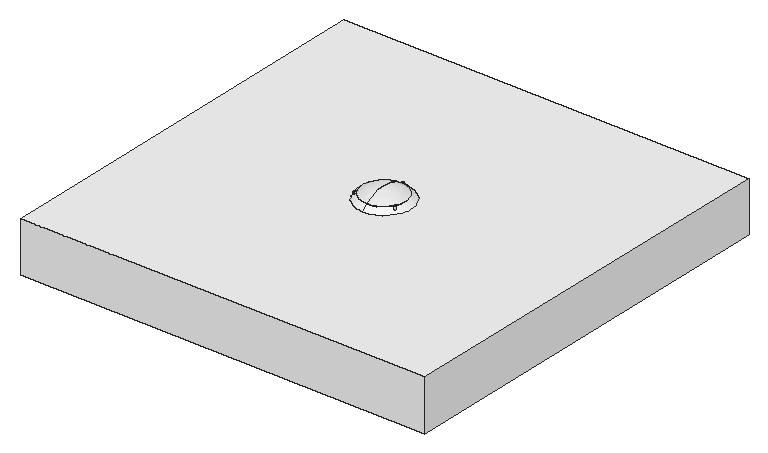
Revit family "Sarlam_Lighting_Bulkhead_Chartres_Infini_T1_Vandal_resistant_Diam_322mm_2000Lm", category Luminaires, Revit 2020
Family settings
  Hôte = Face
  Cote de connecteur circulaire = Utiliser le diamètre
  Type d'élément = Normal
  Couper avec des vides une fois chargée = Non
  Source d'éclairage = Oui
  Partagée = Non
  Point de calcul de pièce = Non
Parameters (values of type "With microwave sensor WHITE")
  Zone plafond formes 1à7 [instance] = and(not(Outer diameter = 328 mm), or([Antivandale Formes 2-4-7]), not([Detection area - Wall]), [Detection area - Ceiling])  # no
  Zone murale formes 1à7 [instance] = and(not(Outer diameter = 328 mm), or([Antivandale Formes 2-4-7]), [Detection area - Wall], not([Detection area - Ceiling]))  # no
  With movement sensor = yes
  With light sensor = yes
  Width = 322 mm
  Voltage type = "AC"
  Type of dimming = "Other"
  Type of control gear = "LED operating device current-controlled"
  System power W = 28
  Suitable for wall mounting = yes
  Suitable for suspended mounting = no
  Suitable for surface mounting = yes
  Suitable for ceiling mounting = yes
  Suitable for built-in mounting = no
  Radiation angle = "Open beam"
  Protection Class = "II"
  Outer diameter = 322 mm
  Nominal voltage (Un) V MIN = 207
  Nominal voltage (Un) V MAX = 253
  Nominal current mA MIN = 110
  Nominal current mA MAX = 135
  Material housing = Plastique
  Light sharing = "Symmetric"
  Length = 322 mm
  Lamp type = "LED not exchangeable"
  Lamp power at multiwatt = "21/39W"
  Lamp power W = ""
  Lamp holder = "None"
  Impact strength (IK) = "IK10"
  Height/depth = 70 mm
  General Conditions of Use = "https://export.legrand.com/en/terms-of-use-BIM-objects"
  Effective luminous flux lm = 2000
  Detection area = "Detection at 2,5m high Ceiling: Ø6m max Wall: Ellipse 16*17m"
  URL = "http://www.legrandoc.com/SL532064"
  built-in parameter 1150107 = 3200 (stored number, unit not read)
  Wattage = 9.2903 W
  built-in parameter 1150110 = 1 (stored number, unit not read)
  built-in parameter 1150109 = 1 (stored number, unit not read)
  built-in parameter 1114218 = 1 (stored number, unit not read)
  built-in parameter 1150113 = 1 (stored number, unit not read)
  built-in parameter 1150112 = 1 (stored number, unit not read)
  built-in parameter 1150137 = (empty or 0)
  built-in parameter 1150132 = (empty or 0)
  Modèle = "SL-532064"
  built-in parameter 1150105 = 109.82 (stored number, unit not read)
  built-in parameter 1150102 = (empty or 0)
  Dimming Lamp Color Temperature Shift = (empty or 0)
  Lumens = 1380 lm
  Color Filter = 16777215
  Fichier de distribution photométrique = "SL532018.ies"
  built-in parameter 1114217 = 1 (stored number, unit not read)
  built-in parameter 1150139 = (empty or 0)
  Fabricant = "LEGRAND"
  Emettre à partir du diamètre du cercle = 250 mm
  Emit Shape Visible in Rendering = no
  built-in parameter 1150104 = 13.8 (stored number, unit not read)
  built-in parameter 1150106 = 1.0982 (stored number, unit not read)
  built-in parameter 1150115 = 1 (stored number, unit not read)
  built-in parameter 1150114 = 1 (stored number, unit not read)
  Description = "CHARTRES INFINI 2000LM 4000K  AV DETECTION HF WHITE"
  Degree of protection (IP) = "IP55"
  built-in parameter 1150138 = (empty or 0)
  built-in parameter 1150134 = 3
  Colour temperature K MIN = 4000
  Colour temperature K MAX = 4000
  Colour rendering index CRI = "80-89"
  Colour housing = LEGRAND - White
  Built-in width = 322 mm
  Built-in length = 0 mm
  Built-in height/depth = 0 mm
  Built-in diameter = 0 mm
  Angle de l'inclinaison = 0.00°
  Detection area - Ceiling [instance] = no
  Detection area - Wall [instance] = no
  Default Elevation = 2500 mm
  Antivandale Formes 2-4-7 = yes
  Tag [instance] = no
  built-in parameter 1150133 = 10 (stored number, unit not read)
Types (14, lengths in mm): name | With movement sensor | With light sensor | Type of dimming | System power W | Nominal current mA MIN | Nominal current mA MAX | Impact strength (IK) | Detection area | URL | Modèle | Description | Degree of protection (IP) | Colour housing
  ON/OFF WHITE | no | no | "Not regulable" | 27 | 106 | 131 | "IK10" | "" | "http://www.legrandoc.com/SL532024" | "SL-532024" | "CHARTRES INFINI 2000LM 4000K AV ON/OFF WHITE" | "IP55" | LEGRAND - White
  ON/OFF ANTHRACITE | no | no | "Not regulable" | 27 | 106 | 131 | "IK10" | "" | "http://www.legrandoc.com/SL532025" | "SL-532025" | "CHARTRES INFINI 2000LM 4000K AV ON/OFF BLACK" | "IP55" | LEGRAND - Anthracite
  ON/OFF GREY METAL | no | no | "Not regulable" | 27 | 106 | 131 | "IK10" | "" | "http://www.legrandoc.com/SL532026" | "SL-532026" | "CHARTRES INFINI 2000LM 4000K AV ON/OFF SLIVER" | "IP55" | LEGRAND - Grey
  With microwave sensor WHITE | yes | yes | "Other" | 28 | 110 | 135 | "IK10" | "Detection at 2,5m high Ceiling: Ø6m max Wall: Ellipse 16*17m" | "http://www.legrandoc.com/SL532064" | "SL-532064" | "CHARTRES INFINI 2000LM 4000K  AV DETECTION HF WHITE" | "IP55" | LEGRAND - White
  With microwave sensor ANTHRACITE | yes | yes | "Other" | 28 | 110 | 135 | "IK10" | "Detection at 2,5m high Ceiling: Ø6m max Wall: Ellipse 16*17m" | "http://www.legrandoc.com/SL532065" | "SL-532065" | "CHARTRES INFINI 2000LM 4000K  AV DETECTION HF BLACK" | "IP55" | LEGRAND - Anthracite
  With microwave sensor GREY METAL | yes | yes | "Other" | 28 | 110 | 135 | "IK10" | "Detection at 2,5m high Ceiling: Ø6m max Wall: Ellipse 16*17m" | "http://www.legrandoc.com/SL532066" | "SL-532066" | "CHARTRES INFINI 2000LM 4000K  AV DETECTION HF SILVER" | "IP55" | LEGRAND - Grey
  With microwave sensor + clock WHITE | yes | yes | "Other" | 28 | 110 | 135 | "IK10" | "Detection at 2,5m high Ceiling: Ø6m max Wall: Ellipse 16*17m" | "http://www.legrandoc.com/SL532079" | "SL-532079" | "CHARTRES INFINI 2000LM 4000K  AV DETECTION HF + CLOCK WHITE" | "IP55" | LEGRAND - White
  With microwave sensor + clock ANTHRACITE | yes | yes | "Other" | 28 | 110 | 135 | "IK10" | "Detection at 2,5m high Ceiling: Ø6m max Wall: Ellipse 16*17m" | "http://www.legrandoc.com/SL532080" | "SL-532080" | "CHARTRES INFINI 2000LM 4000K  AV DETECTION HF + CLOCK BLACK" | "IP55" | LEGRAND - Anthracite
  With microwave sensor + clock GREY METAL | yes | yes | "Other" | 28 | 110 | 135 | "IK10" | "Detection at 2,5m high Ceiling: Ø6m max Wall: Ellipse 16*17m" | "http://www.legrandoc.com/SL532081" | "SL-532081" | "CHARTRES INFINI 2000LM 4000K  AV DETECTION HF + CLOCK SLIVER" | "IP55" | LEGRAND - Grey
  Double level / Timer WHITE | no | no | "Other" | 28 | 110 | 135 | "IK10" | "" | "http://www.legrandoc.com/SL532090" | "SL-532090" | "CHARTRES INFINI 2000LM 4000K AV BI-LEVEL/TIMER WHITE" | "IP55" | LEGRAND - White
  Double level / Timer ANTHRACITE | no | no | "Other" | 28 | 110 | 135 | "IK10" | "" | "http://www.legrandoc.com/SL532091" | "SL-532091" | "CHARTRES INFINI 2000LM 4000K  AV BI-LEVEL/TIMER BLACK" | "IP55" | LEGRAND - Anthracite
  Double level / Timer GREY METAL | no | no | "Other" | 28 | 110 | 135 | "IK10" | "" | "http://www.legrandoc.com/SL532092" | "SL-532092" | "CHARTRES INFINI 2000LM 4000K  AV BI-LEVEL/TIMER SLIVER" | "IP55" | LEGRAND - Grey
  Vandal resistant - ON/OFF | no | no | "Not regulable" | 27 | 110 | 135 | ">IK10" | "" | "http://www.legrandoc.com/SL532096" | "SL-532096" | "CHARTRES INFINI 2000LM 4000K SOLIROC ON/OFF WHITE" | "IP66" | LEGRAND - White
  Vandal resistant - With microwave sensor | yes | yes | "Other" | 28 | 110 | 135 | ">IK10" | "Detection at 2,5m high Ceiling: Ø6m max Wall: Ellipse 16*17m" | "http://www.legrandoc.com/SL532097" | "SL-532097" | "CHARTRES INFINI 2000LM 4000K  SOLIROC DETECTION WHITE" | "IP66" | LEGRAND - White
Reference planes
  plane 1 "Centre (avant/arrière)": y = 0
  plane 2: z = 0
  plane 3 "Centre (gauche/droite)": x = 0
  plane 4: z = 90
Forms (mm)
  Extrusion 1, solid, material "Blanc"
    sketch origin (0, 0, 0) x (1, 0, 0) y (0, 1, 0)
      loop
        line (-1219.2, 1219.2) -> (-1219.2, -1219.2) -> (1219.2, -1219.2) -> (1219.2, 1219.2) -> (-1219.2, 1219.2)
    from 0 to -304.8
Lines and regions (mm)
  model lines, style "LightingFixtures", not visible
    curve 1: line (0, 0, 0) -> (0, 0, 2230)
    curve 2: line (0, 0, 0) -> (0, 3300, 0)
    curve 3: line (0, 0, 0) -> (-2620, 0, 0)
Dimensions and locks
  level to plane 4 = 90 mm
  aligned and locked: plane 2 to Extrusion 1
  aligned and locked: level to Extrusion 1
  aligned and locked: imposter light to plane 4
  aligned and locked: plane 3 "Centre (gauche/droite)" to imposter light
Nested families
  nested 1: "Zone de détection murale Chartres-Astreo" at (0, 0, 0) x (0, 0, 1) z (0, -1, 0), visible <- "Detection area - Wall", type "Zone de détection murale"
  nested 2: "Formes 1-2-3-4-6-7-8-9" at (0, 0, 0), type "Formes"
    with Fl 70 mm, Dimension hublot 129.3 mm, Diamètre total 322 mm, Courbure 220.2 mm, Antivandale Formes 2-4-7 yes
  nested 3: "Zone de détection plafond Chartres-Astreo" at (0, 0, 2500), visible <- "Detection area - Ceiling", type "Zone de détection plafond"
    with Zone plafond Formes 8à9 no
  nested 4: "Zone de détection murale Chartres-Astreo" at (0, 0, 0) x (0, 0, 1) z (1, 0, 0), visible <- "Detection area - Wall", type "Zone de détection murale"
  nested 5: "Etiquette de zone" at (0, 220.945, 0) x (-1, 0, 0) z (0, 0, 1), visible <- "Tag", type "Etiquette de zone"
Connectors
  electrical at (0, 0, 0)
    settings: on nested 2, index 1, voltage 230 V, apparent load 0 VA, apparent load phase1 0 VA, apparent load phase2 0 VA, apparent load phase3 0 VA, power factor 1, load classification "Eclairage", number of poles 1, system type 30, power factor state 1, is connector primary yes, connector utility no, sub classification motor no, connector description ""
Definition of nested family "Formes 1-2-3-4-6-7-8-9"
  Parameters (values of type "Formes")
    Standard Forme 8 = no
    Standard Formes 1-3-6 = no
    Matériau hublot = none
    Matériau corps = none
    Fl = if(Diamètre total < 325 mm, 70 mm, if(Diamètre total = 328 mm, 107 mm, 90 mm))  # 107 mm
    Default Elevation = 0 mm
    Dimension hublot = if(Diamètre total = 300 mm, 121.1 mm, if(Diamètre total = 322 mm, 129.3 mm, if(Diamètre total = 328 mm, 148.6 mm, if(Diamètre total = 420 mm, 179.2 mm, 185.3 mm))))  # 148.6 mm
    Diamètre total = 328 mm
    Courbure = if(Diamètre total = 300 mm, 195.7 mm, if(Diamètre total = 322 mm, 220.2 mm, if(Diamètre total = 328 mm, 179.2 mm, if(Diamètre total = 420 mm, 290 mm, 307.8 mm))))  # 179.2 mm
    Couleur corps = none
    Antivandale Forme 9 = no
    Antivandale Formes 2-4-7 = no
  Reference planes
    plane 1 "Centre (avant/arrière)": y = 0
    plane 2: z = 0
    plane 3 "Centre (gauche/droite)": x = 0
    plane 4: y = 164
    plane 5: y = -164
    plane 6: y = 148.6
  Forms (mm)
    Revolve 1, solid, material <- "Matériau hublot"
      sketch origin (0, 0, 0) x (0, 0, -1) y (0, 1, 0)
        loop
          arc (-28, 148.6) -> (-86.03, 84.151) -> (-107, 0) r 179.2
          line (-107, 0) -> (-28, 0) -> (-28, 148.6)
        axis (-28, 0) -> (-107, 0)
      angle from 0 to 360
  Dimensions and locks
    equal spacing: plane 4, plane 1 "Centre (avant/arrière)", plane 5
    "Diamètre total": plane 4 to plane 5
    equal spacing: plane 5, plane 1 "Centre (avant/arrière)", plane 4
    "Dimension hublot": plane 1 "Centre (avant/arrière)" to plane 6
    "Fl": Revolve 1 sketch curve to plane 2
    "Courbure": radius of Revolve 1 sketch curve
    aligned and locked: level to plane 2
    aligned and locked: plane 6 to Revolve 1 sketch curve
    aligned and locked: plane 2 to nested 2
  Automatic sketch dimensions
    Revolve 1 sketch curve to plane 1 "Centre (avant/arrière)" = 0 mm  (x2)
    level to Revolve 1 sketch curve = 28 mm
    Revolve 1 sketch curve to Revolve 1 sketch curve = 1811.469 mm
    Revolve 1 sketch curve to Revolve 1 sketch curve = 1147.22 mm
  Nested families
    nested 1: "Corps standard Formes 1-3-6" at (0, 0, 0), visible <- "Standard Formes 1-3-6", type "Corps standard Formes 1-3-6"
      with Diamètre 328 mm
    nested 2: "Corps antivandale Formes 2-4-7" at (0, 0, 0), visible <- "Antivandale Formes 2-4-7", type "Corps antivandale Formes 2-4-7"
      with Diamètre 328 mm
    nested 3: "Corps standard Forme 8" at (0, 0, 0), visible <- "Standard Forme 8", type "Corps standard Forme 8"
    nested 4: "Corps antivandale Forme 9" at (0, 0, 0), visible <- "Antivandale Forme 9", type "Corps antivandale Forme 9"
  Definition of nested family "Corps standard Formes 1-3-6"
    Parameters (values of type "Corps standard")
      Matériau corps = none
      Default Elevation = 0 mm
      Couleur corps = none
      Diamètre = 322 mm
      Courbure = if(Diamètre < 400 mm, 195.7 mm, 290 mm)  # 195.7 mm
    Reference planes
      plane 1 "Centre (avant/arrière)": y = 0
      plane 2: z = 0
      plane 3 "Centre (gauche/droite)": x = 0
      plane 4: y = 161
      plane 5: y = -161
      plane 6: z = 28
    Forms (mm)
      Revolve 1, solid, material <- "Couleur corps"
        sketch origin (0, 0, 0) x (0, 0, -1) y (0, 1, 0)
          loop
            line (0, 0) -> (0, 161)
            arc (0, 161) -> (-14.55, 149.906) -> (-28, 137.502) r 195.7
            line (-28, 137.502) -> (-28, 0) -> (0, 0)
          axis (0, 0) -> (-28, 0)
        angle from 0 to 360
    Dimensions and locks
      equal spacing: plane 4, plane 1 "Centre (avant/arrière)", plane 5
      "Diamètre": plane 4 to plane 5
      equal spacing: plane 5, plane 1 "Centre (avant/arrière)", plane 4
      "Courbure": radius of Revolve 1 sketch curve
      aligned and locked: level to plane 2
      aligned and locked: plane 2 to Revolve 1  (x2)
      aligned and locked: Revolve 1 to plane 2
      aligned and locked: plane 6 to Revolve 1
    Automatic sketch dimensions
      Revolve 1 sketch curve to plane 1 "Centre (avant/arrière)" = 0 mm  (x3)
      Revolve 1 sketch curve to plane 6 = 0 mm
      Revolve 1 sketch curve to level = 0 mm
      Revolve 1 sketch curve to plane 4 = 0 mm
      plane 6 to Revolve 1 sketch curve = 1833.51 mm
      Revolve 1 sketch curve to Revolve 1 sketch curve = 1167.217 mm
  Definition of nested family "Corps antivandale Formes 2-4-7"
    Parameters (values of type "Corps antivandale")
      Rayon réseau vis = if(Diamètre < 400 mm, 137.2 mm, 193.2 mm)  # 137.2 mm
      Matériau corps = none
      Default Elevation = 0 mm
      Diamètre = 322 mm
      Courbure = if(Diamètre < 400 mm, 220.2 mm, 307.8 mm)  # 220.2 mm
      Couleur corps = none
    Reference planes
      plane 1 "Centre (avant/arrière)": y = 0
      plane 2: z = 0
      plane 3 "Centre (gauche/droite)": x = 0
      plane 4: y = 161
      plane 5: y = -161
      plane 6: z = 28
      plane 7: through (0, 0, 1200) normal (0.5, 0.866, 0)
      plane 8: through (0, 0, 1200) normal (0.5, -0.866, 0)
    Forms (mm)
      Revolve 1, solid, material <- "Couleur corps"
        sketch origin (0, 0, 0) x (0, 0, -1) y (0, 1, 0)
          loop
            line (0, 0) -> (0, 161)
            arc (0, 161) -> (-14.762, 145.835) -> (-28, 129.323) r 220.2
            line (-28, 129.323) -> (-28, 0) -> (0, 0)
          axis (0, 0) -> (-28, 0)
        angle from 0 to 360
      Extrusion 2, solid, material <- "Couleur corps"
        sketch origin (0, -0.04, 0) x (1, 0, 0) y (0, 1, 0)
          loop
            line (-4, 129.32) -> (-4, 137.3)
            arc (-4, 137.3) -> (0, 141.3) -> (4, 137.3) r 4
            line (4, 137.3) -> (4, 129.32)
            arc (4, 129.32) -> (5, 129.285) -> (6, 129.243) r 129.323
            line (6, 129.243) -> (6, 137.3)
            arc (6, 137.3) -> (0, 143.3) -> (-6, 137.3) r 6
            line (-6, 137.3) -> (-6, 129.243)
            arc (-6, 129.243) -> (-5, 129.285) -> (-4, 129.32) r 129.323
        from 15.189 to 28
      Extrusion 3, solid, material <- "Couleur corps"
        sketch origin (-0.035, 0.02, 0) x (-0.5, -0.866025, 0) y (0.866025, -0.5, 0)
          loop
            line (-4, 129.32) -> (-4, 137.3)
            arc (-4, 137.3) -> (0, 141.3) -> (4, 137.3) r 4
            line (4, 137.3) -> (4, 129.32)
            arc (4, 129.32) -> (5, 129.285) -> (6, 129.243) r 129.323
            line (6, 129.243) -> (6, 137.3)
            arc (6, 137.3) -> (0, 143.3) -> (-6, 137.3) r 6
            line (-6, 137.3) -> (-6, 129.243)
            arc (-6, 129.243) -> (-5, 129.285) -> (-4, 129.32) r 129.323
        from 15.189 to 28
      Extrusion 4, solid, material <- "Couleur corps"
        sketch origin (0.035, 0.02, 0) x (-0.5, 0.866025, 0) y (-0.866025, -0.5, 0)
          loop
            line (-4, 129.32) -> (-4, 137.3)
            arc (-4, 137.3) -> (0, 141.3) -> (4, 137.3) r 4
            line (4, 137.3) -> (4, 129.32)
            arc (4, 129.32) -> (5, 129.285) -> (6, 129.243) r 129.323
            line (6, 129.243) -> (6, 137.3)
            arc (6, 137.3) -> (0, 143.3) -> (-6, 137.3) r 6
            line (-6, 137.3) -> (-6, 129.243)
            arc (-6, 129.243) -> (-5, 129.285) -> (-4, 129.32) r 129.323
        from 15.189 to 28
      Revolve 5, solid
        sketch origin (0, 0.018, -12.656) x (0, 1, 0) y (0, 0, 1)
          loop
            line (136.525, 38.942) -> (136.525, 29.094) -> (136.962, 29.907) -> (137.751, 35.518) -> (140.148, 38.942) -> (136.525, 38.942)
          axis (136.525, 29.094) -> (136.525, 38.942)
        angle from 0 to 360
      Revolve 6, solid
        sketch origin (0.016, -0.009, -12.656) x (0.866025, -0.5, 0) y (0, 0, 1)
          loop
            line (136.525, 38.942) -> (136.525, 29.094) -> (136.962, 29.907) -> (137.751, 35.518) -> (140.148, 38.942) -> (136.525, 38.942)
          axis (136.525, 29.094) -> (136.525, 38.942)
        angle from 0 to 360
      Revolve 7, solid
        sketch origin (-0.016, -0.009, -12.656) x (-0.866025, -0.5, 0) y (0, 0, 1)
          loop
            line (136.525, 38.942) -> (136.525, 29.094) -> (136.962, 29.907) -> (137.751, 35.518) -> (140.148, 38.942) -> (136.525, 38.942)
          axis (136.525, 29.094) -> (136.525, 38.942)
        angle from 0 to 360
    Cuts and joins
      joined: Revolve 1, Extrusion 2
    Lines and regions (mm)
      model lines
        curve 1: line (-2.5, 136.543, 26.285) -> (2.5, 136.543, 26.285)
        curve 2: line (0, 138.995, 26.285) -> (0, 133.995, 26.285)
        curve 3: line (119.5, -66.107, 26.285) -> (117, -70.437, 26.285)
        curve 4: line (120.373, -69.497, 26.285) -> (116.043, -66.997, 26.285)
        curve 5: line (-117, -70.437, 26.285) -> (-119.5, -66.107, 26.285)
        curve 6: line (-120.373, -69.497, 26.285) -> (-116.043, -66.997, 26.285)
    Dimensions and locks
      equal spacing: plane 4, plane 1 "Centre (avant/arrière)", plane 5
      "Diamètre": plane 4 to plane 5
      equal spacing: plane 5, plane 1 "Centre (avant/arrière)", plane 4
      "Courbure": radius of Revolve 1 sketch curve
      "Rayon réseau vis": radius of radial array
      aligned and locked: level to plane 2
      aligned and locked: plane 2 to Revolve 1  (x2)
      aligned and locked: Revolve 1 to plane 2
      aligned and locked: plane 6 to Revolve 1
    Automatic sketch dimensions
      Extrusion 2 sketch curve to Extrusion 2 sketch curve = 0 mm  (x9)
      Extrusion 2 sketch curve to Extrusion 2 sketch curve = 7.98 mm
      Extrusion 2 sketch curve to Extrusion 2 sketch curve = 0.077 mm
      Extrusion 2 sketch curve to Extrusion 2 sketch curve = 2 mm
      Extrusion 2 sketch curve to Extrusion 2 sketch curve = 4 mm
      Extrusion 2 sketch curve to Extrusion 2 sketch curve = 6 mm
      Extrusion 3 sketch curve to Extrusion 3 sketch curve = 0 mm  (x9)
      Extrusion 3 sketch curve to Extrusion 3 sketch curve = 7.98 mm
      Extrusion 3 sketch curve to Extrusion 3 sketch curve = 0.077 mm
      Extrusion 3 sketch curve to Extrusion 3 sketch curve = 2 mm
      Extrusion 3 sketch curve to Extrusion 3 sketch curve = 4 mm
      Extrusion 3 sketch curve to Extrusion 3 sketch curve = 6 mm
      Extrusion 4 sketch curve to Extrusion 4 sketch curve = 0 mm  (x9)
      Extrusion 4 sketch curve to Extrusion 4 sketch curve = 7.98 mm
      Extrusion 4 sketch curve to Extrusion 4 sketch curve = 0.077 mm
      Extrusion 4 sketch curve to Extrusion 4 sketch curve = 2 mm
      Extrusion 4 sketch curve to Extrusion 4 sketch curve = 4 mm
      Extrusion 4 sketch curve to Extrusion 4 sketch curve = 6 mm
      Revolve 7 sketch curve to Revolve 7 sketch curve = 0.437 mm  (x2)
      Revolve 7 sketch curve to Revolve 7 sketch curve = 1.226 mm  (x2)
      Revolve 7 sketch curve to Revolve 7 sketch curve = 2.397 mm
      Revolve 7 sketch curve to Revolve 7 sketch curve = 0.813 mm  (x2)
      Revolve 7 sketch curve to Revolve 7 sketch curve = 5.611 mm  (x2)
      Revolve 7 sketch curve to Revolve 7 sketch curve = 3.424 mm  (x2)
      Revolve 7 sketch curve to Revolve 7 sketch curve = 0 mm  (x2)
      Revolve 7 sketch curve to Revolve 7 sketch curve = 0.975 mm
      Revolve 7 sketch curve to Revolve 7 sketch curve = 3.281 mm  (x2)
      Revolve 5 sketch curve to Revolve 5 sketch curve = 0.437 mm  (x2)
      Revolve 5 sketch curve to Revolve 5 sketch curve = 1.226 mm  (x2)
      Revolve 5 sketch curve to Revolve 5 sketch curve = 3.623 mm
      Revolve 5 sketch curve to Revolve 5 sketch curve = 5.611 mm  (x2)
      Revolve 5 sketch curve to Revolve 5 sketch curve = 3.424 mm  (x2)
      Revolve 5 sketch curve to Revolve 5 sketch curve = 0 mm  (x2)
      Revolve 5 sketch curve to Revolve 5 sketch curve = 0.813 mm  (x2)
      Revolve 5 sketch curve to Revolve 5 sketch curve = 0.162 mm
      Revolve 5 sketch curve to Revolve 5 sketch curve = 3.281 mm  (x2)
      Revolve 6 sketch curve to Revolve 6 sketch curve = 0.437 mm  (x2)
      Revolve 6 sketch curve to Revolve 6 sketch curve = 1.226 mm  (x2)
      Revolve 6 sketch curve to Revolve 6 sketch curve = 3.623 mm
      Revolve 6 sketch curve to Revolve 6 sketch curve = 5.611 mm  (x2)
      Revolve 6 sketch curve to Revolve 6 sketch curve = 3.424 mm  (x2)
      Revolve 6 sketch curve to Revolve 6 sketch curve = 0 mm  (x2)
      Revolve 6 sketch curve to Revolve 6 sketch curve = 0.813 mm  (x2)
      Revolve 6 sketch curve to Revolve 6 sketch curve = 0.162 mm
      Revolve 6 sketch curve to Revolve 6 sketch curve = 3.281 mm  (x2)
      Revolve 7 sketch curve to Revolve 7 sketch curve = 3.623 mm
      Revolve 7 sketch curve to Revolve 7 sketch curve = 0.162 mm
      curve 2 to Revolve 5 = 0 mm
      curve 2 to curve 1 = 2.548 mm
      curve 1 to curve 2 = 2.452 mm
      Revolve 5 to curve 1 = 2.5 mm
      curve 1 to Revolve 5 = 2.5 mm
      curve 4 to Revolve 6 = 0 mm
      curve 4 to curve 3 = 2.548 mm
      curve 3 to curve 4 = 2.452 mm
      Revolve 6 to curve 3 = 2.5 mm
      curve 3 to Revolve 6 = 2.5 mm
      curve 6 to Revolve 7 = 0 mm
      curve 6 to curve 5 = 2.548 mm
      curve 5 to curve 6 = 2.452 mm
      Revolve 7 to curve 5 = 2.5 mm
      curve 5 to Revolve 7 = 2.5 mm
      Revolve 5 sketch curve to Revolve 5 sketch curve = 2.397 mm
      Revolve 5 sketch curve to Revolve 5 sketch curve = 0.975 mm
      Revolve 6 sketch curve to Revolve 6 sketch curve = 2.397 mm
      Revolve 6 sketch curve to Revolve 6 sketch curve = 0.975 mm
      Revolve 1 sketch curve to plane 1 "Centre (avant/arrière)" = 0 mm  (x3)
      Revolve 1 sketch curve to plane 6 = 0 mm
      Revolve 1 sketch curve to level = 0 mm
      Revolve 1 sketch curve to plane 4 = 0 mm
      plane 6 to Revolve 1 sketch curve = 1833.51 mm
      Revolve 1 sketch curve to Revolve 1 sketch curve = 1128.321 mm
  Definition of nested family "Corps standard Forme 8"
    Parameters (values of type "Corps standard Forme 8")
      Matériau corps = none
      Default Elevation = 0 mm
      Couleur corps = none
      Diamètre = 328 mm
    Reference planes
      plane 1 "Centre (avant/arrière)": y = 0
      plane 2: z = 0
      plane 3 "Centre (gauche/droite)": x = 0
      plane 4: y = 164
      plane 5: y = -164
      plane 6: z = 28
      plane 7: y = 7.5
      plane 8: y = -7.5
    Forms (mm)
      Revolve 1, solid, material <- "Couleur corps"
        sketch origin (0, 0, 0) x (0, 0, -1) y (0, 1, 0)
          loop
            line (0, 0) -> (0, 164)
            arc (0, 164) -> (-14.345, 156.905) -> (-28, 148.559) r 179.182
            line (-28, 148.559) -> (-28, 0) -> (0, 0)
          axis (0, 0) -> (-28, 0)
        angle from 0 to 360
      Sweep 2, void
        path origin (0, 0, 0) x (1, 0, 0) y (0, 1, 0)
          loop
            arc (153.049, 7.5) -> (0, 153.232) -> (-153.049, 7.5) r 153.232
        profile origin (0, 153.232, 0) x (0, -1, 0) y (0, 0, 1)
          loop
            line (-5.469, 6.213) -> (-10.469, 16.465) -> (-10.469, 6.213) -> (-5.469, 6.213)
      Sweep 3, void
        path origin (0, 0, 0) x (1, 0, 0) y (0, 1, 0)
          loop
            arc (153.049, 7.5) -> (0, 153.232) -> (-153.049, 7.5) r 153.232
        profile origin (0, 153.232, 0) x (0, -1, 0) y (0, 0, 1)
          loop
            line (-1.643, 13.471) -> (-6.643, 23.723) -> (-6.643, 13.471) -> (-1.643, 13.471)
      Sweep 4, void
        path origin (0, 0, 0) x (1, 0, 0) y (0, -1, 0)
          loop
            arc (153.049, 7.5) -> (0, 153.232) -> (-153.049, 7.5) r 153.232
        profile origin (0, -153.232, 0) x (0, -1, 0) y (0, 0, 1)
          loop
            line (1.643, 13.471) -> (6.643, 13.471) -> (6.643, 23.723) -> (1.643, 13.471)
      Sweep 5, void
        path origin (0, 0, 0) x (1, 0, 0) y (0, -1, 0)
          loop
            arc (153.049, 7.5) -> (0, 153.232) -> (-153.049, 7.5) r 153.232
        profile origin (0, -153.232, 0) x (0, -1, 0) y (0, 0, 1)
          loop
            line (5.469, 6.213) -> (10.469, 6.213) -> (10.469, 16.465) -> (5.469, 6.213)
    Cuts and joins
      Sweep 2, Sweep 3, Sweep 4, Sweep 5 cuts Revolve 1
    Dimensions and locks
      equal spacing: plane 4, plane 1 "Centre (avant/arrière)", plane 5
      "Diamètre": plane 4 to plane 5
      equal spacing: plane 5, plane 1 "Centre (avant/arrière)", plane 4
      aligned and locked: level to plane 2
      aligned and locked: plane 2 to Revolve 1  (x2)
      aligned and locked: Revolve 1 to plane 2
      aligned and locked: plane 6 to Revolve 1
    Automatic sketch dimensions
      Sweep 2 sketch curve to plane 7 = 0 mm  (x2)
      plane 1 "Centre (avant/arrière)" to Sweep 2 sketch curve = 0 mm
      Sweep 2 sketch curve to plane 3 "Centre (gauche/droite)" = 0 mm
      Sweep 2 sketch curve to plane 3 "Centre (gauche/droite)" = 153.049 mm
      Sweep 3 sketch curve to plane 7 = 0 mm  (x2)
      plane 1 "Centre (avant/arrière)" to Sweep 3 sketch curve = 0 mm
      Sweep 3 sketch curve to plane 3 "Centre (gauche/droite)" = 0 mm
      Sweep 3 sketch curve to plane 3 "Centre (gauche/droite)" = 153.049 mm
      Sweep 4 sketch curve to plane 8 = 0 mm  (x2)
      plane 1 "Centre (avant/arrière)" to Sweep 4 sketch curve = 0 mm
      Sweep 4 sketch curve to plane 3 "Centre (gauche/droite)" = 0 mm
      plane 3 "Centre (gauche/droite)" to Sweep 4 sketch curve = 153.049 mm
      Sweep 5 sketch curve to plane 8 = 0 mm  (x2)
      plane 1 "Centre (avant/arrière)" to Sweep 5 sketch curve = 0 mm
      Sweep 5 sketch curve to plane 3 "Centre (gauche/droite)" = 0 mm
      plane 3 "Centre (gauche/droite)" to Sweep 5 sketch curve = 153.049 mm
      Revolve 1 sketch curve to plane 1 "Centre (avant/arrière)" = 0 mm  (x3)
      Revolve 1 sketch curve to plane 6 = 0 mm
      Revolve 1 sketch curve to level = 0 mm
      Revolve 1 sketch curve to plane 4 = 0 mm
      Revolve 1 sketch curve to Revolve 1 sketch curve = 72.182 mm
      plane 6 to Revolve 1 sketch curve = 1833.51 mm
      Revolve 1 sketch curve to Revolve 1 sketch curve = 1201.817 mm
      profile plane to Sweep 2 sketch curve = 10.469 mm
      Sweep 2 sketch curve to Sweep 2 sketch curve = 5 mm
      level to Sweep 2 sketch curve = 6.213 mm
      Sweep 2 sketch curve to Sweep 2 sketch curve = 10.252 mm
      profile plane to Sweep 3 sketch curve = 6.643 mm
      profile plane to Sweep 3 sketch curve = 1.643 mm
      level to Sweep 3 sketch curve = 13.471 mm
      Sweep 3 sketch curve to Sweep 3 sketch curve = 10.252 mm
      Sweep 4 sketch curve to profile plane = 1.643 mm
      Sweep 4 sketch curve to profile plane = 6.643 mm
      level to Sweep 4 sketch curve = 13.471 mm
      Sweep 4 sketch curve to Sweep 4 sketch curve = 10.252 mm
      Sweep 5 sketch curve to profile plane = 5.469 mm
      Sweep 5 sketch curve to profile plane = 10.469 mm
      level to Sweep 5 sketch curve = 6.213 mm
      Sweep 5 sketch curve to Sweep 5 sketch curve = 10.252 mm
  Definition of nested family "Corps antivandale Forme 9"
    Parameters (values of type "Corps antivandale Forme 9")
      Matériau corps = none
      Default Elevation = 0 mm
      Couleur corps = none
      Diamètre = 328 mm
    Reference planes
      plane 1 "Centre (avant/arrière)": y = 0
      plane 2: z = 0
      plane 3 "Centre (gauche/droite)": x = 0
      plane 4: y = 164
      plane 5: y = -164
      plane 6: z = 28
      plane 7: y = 7.5
      plane 8: y = -7.5
    Forms (mm)
      Revolve 1, solid, material <- "Couleur corps"
        sketch origin (0, 0, 0) x (0, 0, -1) y (0, 1, 0)
          loop
            line (0, 0) -> (0, 164)
            arc (0, 164) -> (-14.345, 156.905) -> (-28, 148.559) r 179.182
            line (-28, 148.559) -> (-28, 0) -> (0, 0)
          axis (0, 0) -> (-28, 0)
        angle from 0 to 360
      Extrusion 2, void
        sketch origin (-1.406, 0, 0) x (1, 0, 0) y (0, 1, 0)
          loop
            circle (157.486, 0) r 5
        from 5.665 to 28
      Sweep 3, void
        path origin (0, 0, 0) x (1, 0, 0) y (0, 1, 0)
          loop
            arc (153.049, 7.5) -> (0, 153.232) -> (-153.049, 7.5) r 153.232
        profile origin (0, 153.232, 0) x (0, -1, 0) y (0, 0, 1)
          loop
            line (-5.469, 6.213) -> (-10.469, 16.465) -> (-10.469, 6.213) -> (-5.469, 6.213)
      Extrusion 4, void
        sketch origin (1.406, 0, 0) x (-1, 0, 0) y (0, -1, 0)
          loop
            circle (157.486, 0) r 5
        from 5.665 to 28
      Sweep 5, void
        path origin (0, 0, 0) x (1, 0, 0) y (0, 1, 0)
          loop
            arc (153.049, 7.5) -> (0, 153.232) -> (-153.049, 7.5) r 153.232
        profile origin (0, 153.232, 0) x (0, -1, 0) y (0, 0, 1)
          loop
            line (-1.643, 13.471) -> (-6.643, 23.723) -> (-6.643, 13.471) -> (-1.643, 13.471)
      Sweep 6, void
        path origin (0, 0, 0) x (1, 0, 0) y (0, -1, 0)
          loop
            arc (153.049, 7.5) -> (0, 153.232) -> (-153.049, 7.5) r 153.232
        profile origin (0, -153.232, 0) x (0, -1, 0) y (0, 0, 1)
          loop
            line (1.643, 13.471) -> (6.643, 13.471) -> (6.643, 23.723) -> (1.643, 13.471)
      Sweep 7, void
        path origin (0, 0, 0) x (1, 0, 0) y (0, -1, 0)
          loop
            arc (153.049, 7.5) -> (0, 153.232) -> (-153.049, 7.5) r 153.232
        profile origin (0, -153.232, 0) x (0, -1, 0) y (0, 0, 1)
          loop
            line (5.469, 6.213) -> (10.469, 6.213) -> (10.469, 16.465) -> (5.469, 6.213)
      Revolve 8, solid
        sketch origin (-156.149, -136.533, -30.469) x (0, 1, 0) y (0, 0, 1)
          loop
            line (136.525, 38.942) -> (136.525, 31.651) -> (137.319, 32.445) -> (137.923, 36.741) -> (139.106, 38.942) -> (136.525, 38.942)
          axis (136.525, 31.651) -> (136.525, 38.942)
        angle from 0 to 360
      Revolve 9, solid
        sketch origin (156.149, -136.533, -30.469) x (0, 1, 0) y (0, 0, -1)
          loop
            line (136.525, -38.942) -> (139.106, -38.942) -> (137.923, -36.741) -> (137.319, -32.445) -> (136.525, -31.651) -> (136.525, -38.942)
          axis (136.525, -31.651) -> (136.525, -38.942)
        angle from 0 to 360
    Cuts and joins
      Extrusion 2, Sweep 3, Extrusion 4, Sweep 5, Sweep 6, Sweep 7 cuts Revolve 1
    Lines and regions (mm)
      model lines
        curve 1: line (-156.149, 1.39, 8.473) -> (-156.149, -1.406, 8.473)
        curve 2: line (-157.503, 0, 8.473) -> (-154.615, 0, 8.473)
        curve 3: line (156.149, 1.39, 8.473) -> (156.149, -1.406, 8.473)
        curve 4: line (157.503, 0, 8.473) -> (154.615, 0, 8.473)
    Dimensions and locks
      equal spacing: plane 4, plane 1 "Centre (avant/arrière)", plane 5
      "Diamètre": plane 4 to plane 5
      equal spacing: plane 5, plane 1 "Centre (avant/arrière)", plane 4
      aligned and locked: level to plane 2
      aligned and locked: plane 2 to Revolve 1  (x2)
      aligned and locked: Revolve 1 to plane 2
      aligned and locked: plane 6 to Revolve 1
    Automatic sketch dimensions
      plane 1 "Centre (avant/arrière)" to Extrusion 2 sketch curve = 0 mm
      plane 3 "Centre (gauche/droite)" to Extrusion 2 sketch curve = 156.08 mm
      Sweep 3 sketch curve to plane 7 = 0 mm  (x2)
      plane 1 "Centre (avant/arrière)" to Sweep 3 sketch curve = 0 mm
      Sweep 3 sketch curve to plane 3 "Centre (gauche/droite)" = 0 mm
      Sweep 3 sketch curve to plane 3 "Centre (gauche/droite)" = 153.049 mm
      plane 1 "Centre (avant/arrière)" to Extrusion 4 sketch curve = 0 mm
      plane 3 "Centre (gauche/droite)" to Extrusion 4 sketch curve = 156.08 mm
      Sweep 5 sketch curve to plane 7 = 0 mm  (x2)
      plane 1 "Centre (avant/arrière)" to Sweep 5 sketch curve = 0 mm
      Sweep 5 sketch curve to plane 3 "Centre (gauche/droite)" = 0 mm
      Sweep 5 sketch curve to plane 3 "Centre (gauche/droite)" = 153.049 mm
      Sweep 6 sketch curve to plane 8 = 0 mm  (x2)
      plane 1 "Centre (avant/arrière)" to Sweep 6 sketch curve = 0 mm
      Sweep 6 sketch curve to plane 3 "Centre (gauche/droite)" = 0 mm
      plane 3 "Centre (gauche/droite)" to Sweep 6 sketch curve = 153.049 mm
      Sweep 7 sketch curve to plane 8 = 0 mm  (x2)
      plane 1 "Centre (avant/arrière)" to Sweep 7 sketch curve = 0 mm
      Sweep 7 sketch curve to plane 3 "Centre (gauche/droite)" = 0 mm
      plane 3 "Centre (gauche/droite)" to Sweep 7 sketch curve = 153.049 mm
      Revolve 1 sketch curve to plane 1 "Centre (avant/arrière)" = 0 mm  (x3)
      Revolve 1 sketch curve to plane 6 = 0 mm
      Revolve 1 sketch curve to level = 0 mm
      Revolve 1 sketch curve to plane 4 = 0 mm
      Revolve 1 sketch curve to Revolve 1 sketch curve = 72.182 mm
      plane 6 to Revolve 1 sketch curve = 1833.51 mm
      Revolve 1 sketch curve to Revolve 1 sketch curve = 1201.817 mm
      profile plane to Sweep 3 sketch curve = 10.469 mm
      Sweep 3 sketch curve to Sweep 3 sketch curve = 5 mm
      level to Sweep 3 sketch curve = 6.213 mm
      Sweep 3 sketch curve to Sweep 3 sketch curve = 10.252 mm
      profile plane to Sweep 5 sketch curve = 6.643 mm
      profile plane to Sweep 5 sketch curve = 1.643 mm
      level to Sweep 5 sketch curve = 13.471 mm
      Sweep 5 sketch curve to Sweep 5 sketch curve = 10.252 mm
      Sweep 6 sketch curve to profile plane = 1.643 mm
      Sweep 6 sketch curve to profile plane = 6.643 mm
      level to Sweep 6 sketch curve = 13.471 mm
      Sweep 6 sketch curve to Sweep 6 sketch curve = 10.252 mm
      Sweep 7 sketch curve to profile plane = 5.469 mm
      Sweep 7 sketch curve to profile plane = 10.469 mm
      level to Sweep 7 sketch curve = 6.213 mm
      Sweep 7 sketch curve to Sweep 7 sketch curve = 10.252 mm
      plane 1 "Centre (avant/arrière)" to Revolve 8 sketch curve = 0.008 mm  (x2)
      Revolve 8 sketch curve to plane 1 "Centre (avant/arrière)" = 0.786 mm
      Revolve 8 sketch curve to plane 1 "Centre (avant/arrière)" = 1.39 mm
      Revolve 8 sketch curve to Revolve 8 sketch curve = 1.183 mm
      level to Revolve 8 sketch curve = 1.183 mm
      Revolve 8 sketch curve to Revolve 8 sketch curve = 0.794 mm
      Revolve 8 sketch curve to Revolve 8 sketch curve = 4.296 mm
      Revolve 8 sketch curve to Revolve 8 sketch curve = 2.201 mm
      Revolve 8 sketch curve to level = 0.4 mm
      Revolve 8 sketch curve to Revolve 8 sketch curve = 3.281 mm
      plane 1 "Centre (avant/arrière)" to Revolve 9 sketch curve = 0.008 mm  (x2)
      Revolve 9 sketch curve to plane 1 "Centre (avant/arrière)" = 0.786 mm
      Revolve 9 sketch curve to plane 1 "Centre (avant/arrière)" = 1.39 mm
      Revolve 9 sketch curve to Revolve 9 sketch curve = 1.183 mm
      level to Revolve 9 sketch curve = 8.473 mm
      Revolve 9 sketch curve to Revolve 9 sketch curve = 2.201 mm
      level to Revolve 9 sketch curve = 1.977 mm
      Revolve 9 sketch curve to Revolve 9 sketch curve = 0.794 mm
      Revolve 9 sketch curve to Revolve 9 sketch curve = 3.281 mm
      Revolve 9 sketch curve to level = 0.4 mm
      curve 1 to Revolve 8 = 0 mm
      curve 1 to curve 3 = 0 mm
      curve 1 to curve 2 = 1.406 mm
      curve 3 to curve 4 = 1.406 mm
      curve 4 to curve 3 = 1.39 mm
      curve 2 to curve 1 = 1.39 mm
      Revolve 8 to curve 2 = 1.534 mm
      curve 4 to curve 2 = 309.23 mm
      curve 3 to curve 4 = 1.534 mm
      curve 4 to curve 3 = 1.354 mm
      curve 2 to Revolve 8 = 1.354 mm
      radius of Extrusion 2 sketch curve = 5 mm
      radius of Extrusion 4 sketch curve = 5 mm
Definition of nested family "Zone de détection murale Chartres-Astreo"
  Parameters (values of type "Zone de détection murale")
    Zone murale Formes 8à9 = no
    Zone murale Formes 1à7 = no
  Reference planes
    plane 1 "Centre (avant/arrière)": y = 0
    plane 2: z = 0
    plane 3 "Centre (gauche/droite)": x = 0
    plane 4: x = 3500
    plane 5: y = 1000
    plane 6: x = 10000
    plane 7: y = 3500
    plane 8: x = 13000
    plane 9: y = 4000
    plane 10: x = 17000
    plane 11: y = 8000
    plane 12: x = 6000
    plane 13: x = 8000
  Lines and regions (mm)
    detail lines, in view "Niveau de réf.", visible <- "Zone murale Formes 1à7"
      curve 1: spline (0, 0, 0) -> (59.63, 258.819, 0) -> (234.456, 500, 0) -> (512.563, 707.107, 0) -> (875, 866.025, 0) -> (1297.067, 965.926, 0) -> (1750, 1000, 0) -> (2202.933, 965.926, 0) -> (2625, 866.025, 0) -> (2987.437, 707.107, 0) -> (3265.544, 500, 0) -> (3440.37, 258.819, 0) -> (3500, 0, 0) -> (3440.37, -258.819, 0) -> (3265.544, -500, 0) -> (2987.437, -707.107, 0) -> (2625, -866.025, 0) -> (2202.933, -965.926, 0) -> (1750, -1000, 0) -> (1297.067, -965.926, 0) -> (875, -866.025, 0) -> (512.563, -707.107, 0) -> (234.456, -500, 0) -> (59.63, -258.819, 0) -> (0, 0, 0)
      curve 2: spline (0, 0, 0) -> (170.371, 905.867, 0) -> (669.873, 1750, 0) -> (1464.466, 2474.874, 0) -> (2500, 3031.089, 0) -> (3705.905, 3380.74, 0) -> (5000, 3500, 0) -> (6294.095, 3380.74, 0) -> (7500, 3031.089, 0) -> (8535.534, 2474.874, 0) -> (9330.127, 1750, 0) -> (9829.629, 905.867, 0) -> (10000, 0, 0) -> (9829.629, -905.867, 0) -> (9330.127, -1750, 0) -> (8535.534, -2474.874, 0) -> (7500, -3031.089, 0) -> (6294.095, -3380.74, 0) -> (5000, -3500, 0) -> (3705.905, -3380.74, 0) -> (2500, -3031.089, 0) -> (1464.466, -2474.874, 0) -> (669.873, -1750, 0) -> (170.371, -905.867, 0) -> (0, 0, 0)
      curve 3: spline (0, 0, 0) -> (221.482, 1035.276, 0) -> (870.835, 2000, 0) -> (1903.806, 2828.427, 0) -> (3250, 3464.102, 0) -> (4817.676, 3863.703, 0) -> (6500, 4000, 0) -> (8182.324, 3863.703, 0) -> (9750, 3464.102, 0) -> (11096.194, 2828.427, 0) -> (12129.165, 2000, 0) -> (12778.518, 1035.276, 0) -> (13000, 0, 0) -> (12778.518, -1035.276, 0) -> (12129.165, -2000, 0) -> (11096.194, -2828.427, 0) -> (9750, -3464.102, 0) -> (8182.324, -3863.703, 0) -> (6500, -4000, 0) -> (4817.676, -3863.703, 0) -> (3250, -3464.102, 0) -> (1903.806, -2828.427, 0) -> (870.835, -2000, 0) -> (221.482, -1035.276, 0) -> (0, 0, 0)
      curve 4: spline (0, 0, 0) -> (289.63, 2070.552, 0) -> (1138.784, 4000, 0) -> (2489.592, 5656.854, 0) -> (4250, 6928.203, 0) -> (6300.038, 7727.407, 0) -> (8500, 8000, 0) -> (10699.962, 7727.407, 0) -> (12750, 6928.203, 0) -> (14510.408, 5656.854, 0) -> (15861.216, 4000, 0) -> (16710.37, 2070.552, 0) -> (17000, 0, 0) -> (16710.37, -2070.552, 0) -> (15861.216, -4000, 0) -> (14510.408, -5656.854, 0) -> (12750, -6928.203, 0) -> (10699.962, -7727.407, 0) -> (8500, -8000, 0) -> (6300.038, -7727.407, 0) -> (4250, -6928.203, 0) -> (2489.592, -5656.854, 0) -> (1138.784, -4000, 0) -> (289.63, -2070.552, 0) -> (0, 0, 0)
    detail lines, in view "Niveau de réf.", visible <- "Zone murale Formes 8à9"
      curve 5: spline (0, 0, 0) -> (102.223, 258.819, 0) -> (401.924, 500, 0) -> (878.68, 707.107, 0) -> (1500, 866.025, 0) -> (2223.543, 965.926, 0) -> (3000, 1000, 0) -> (3776.457, 965.926, 0) -> (4500, 866.025, 0) -> (5121.32, 707.107, 0) -> (5598.076, 500, 0) -> (5897.777, 258.819, 0) -> (6000, 0, 0) -> (5897.777, -258.819, 0) -> (5598.076, -500, 0) -> (5121.32, -707.107, 0) -> (4500, -866.025, 0) -> (3776.457, -965.926, 0) -> (3000, -1000, 0) -> (2223.543, -965.926, 0) -> (1500, -866.025, 0) -> (878.68, -707.107, 0) -> (401.924, -500, 0) -> (102.223, -258.819, 0) -> (0, 0, 0)
      curve 6: spline (0, 0, 0) -> (136.297, 647.048, 0) -> (535.898, 1250, 0) -> (1171.573, 1767.767, 0) -> (2000, 2165.064, 0) -> (2964.724, 2414.815, 0) -> (4000, 2500, 0) -> (5035.276, 2414.815, 0) -> (6000, 2165.064, 0) -> (6828.427, 1767.767, 0) -> (7464.102, 1250, 0) -> (7863.703, 647.048, 0) -> (8000, 0, 0) -> (7863.703, -647.048, 0) -> (7464.102, -1250, 0) -> (6828.427, -1767.767, 0) -> (6000, -2165.064, 0) -> (5035.276, -2414.815, 0) -> (4000, -2500, 0) -> (2964.724, -2414.815, 0) -> (2000, -2165.064, 0) -> (1171.573, -1767.767, 0) -> (535.898, -1250, 0) -> (136.297, -647.048, 0) -> (0, 0, 0)
      curve 7: spline (0, 0, 0) -> (170.371, 1035.276, 0) -> (669.873, 2000, 0) -> (1464.466, 2828.427, 0) -> (2500, 3464.102, 0) -> (3705.905, 3863.703, 0) -> (5000, 4000, 0) -> (6294.095, 3863.703, 0) -> (7500, 3464.102, 0) -> (8535.534, 2828.427, 0) -> (9330.127, 2000, 0) -> (9829.629, 1035.276, 0) -> (10000, 0, 0) -> (9829.629, -1035.276, 0) -> (9330.127, -2000, 0) -> (8535.534, -2828.427, 0) -> (7500, -3464.102, 0) -> (6294.095, -3863.703, 0) -> (5000, -4000, 0) -> (3705.905, -3863.703, 0) -> (2500, -3464.102, 0) -> (1464.466, -2828.427, 0) -> (669.873, -2000, 0) -> (170.371, -1035.276, 0) -> (0, 0, 0)
  Dimensions and locks
    plane 3 "Centre (gauche/droite)" to plane 4 = 3500 mm
    plane 1 "Centre (avant/arrière)" to plane 5 = 1000 mm
    plane 3 "Centre (gauche/droite)" to plane 6 = 10000 mm
    plane 7 to plane 1 "Centre (avant/arrière)" = 3500 mm
    plane 3 "Centre (gauche/droite)" to plane 8 = 13000 mm
    plane 1 "Centre (avant/arrière)" to plane 9 = 4000 mm
    plane 3 "Centre (gauche/droite)" to plane 10 = 17000 mm
    plane 1 "Centre (avant/arrière)" to plane 11 = 8000 mm
    plane 3 "Centre (gauche/droite)" to plane 12 = 6000 mm
    plane 3 "Centre (gauche/droite)" to plane 13 = 8000 mm
Definition of nested family "Zone de détection plafond Chartres-Astreo"
  Parameters (values of type "Zone de détection plafond")
    Zone plafond Formes 8à9 = yes
    Zone plafond Formes 1à7 = no
  Reference planes
    plane 1 "Centre (avant/arrière)": y = 0
    plane 2: z = 0
    plane 3 "Centre (gauche/droite)": x = 0
  Lines and regions (mm)
    detail lines, in view "Niveau de réf.", visible <- "Zone plafond Formes 1à7"
      curve 1: circle (0, 0, 0) r 500 normal (0, 0, 1)
      curve 2: circle (0, 0, 0) r 1000 normal (0, 0, 1)
      curve 3: circle (0, 0, 0) r 2000 normal (0, 0, 1)
      curve 4: circle (0, 0, 0) r 3000 normal (0, 0, 1)
    detail lines, in view "Niveau de réf.", visible <- "Zone plafond Formes 8à9"
      curve 5: circle (0, 0, 0) r 1500 normal (0, 0, 1)
      curve 6: circle (0, 0, 0) r 4000 normal (0, 0, 1)
      curve 7: circle (0, 0, 0) r 6000 normal (0, 0, 1)
Definition of nested family "Etiquette de zone"
  Parameters (values of type "Etiquette de zone")
    Etiquette de zone = ""
  Reference planes
    plane 1: y = 0
    plane 2: x = 0
  Text (mm)
    label "Etiquette de zone" at (0.013, -4.46, 0), shows "Etiquette de zone"
